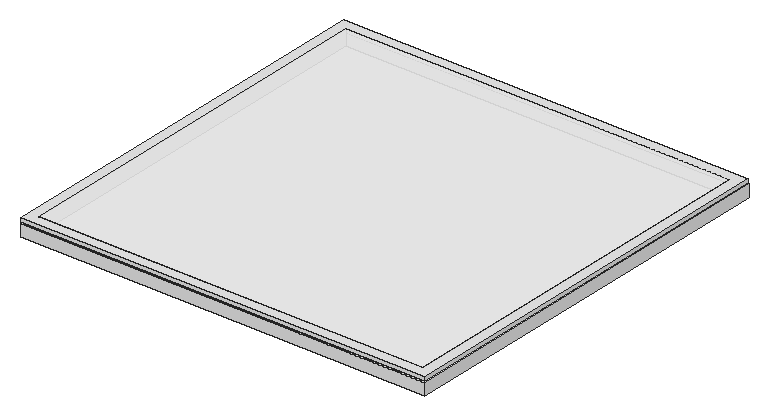
Revit family "Zumtobel LF3-A", category Lighting Fixtures, host Face, Revit 2016
Family settings
  Host = Face
  Part Type = Normal
  Round Connector Dimension = Use Diameter
  OmniClass Number = 23.80.70.11
  OmniClass Title = Luminaries for Internal Lighting
  Cut with Voids When Loaded = No
  Light Source = Yes
  Shared = No
  Room Calculation Point = No
Parameters (values of type "LF3 A 4200-940 Q LDE WH")
  Width = 603 mm
  Wattage = 28.2748 W
  built-in parameter 1150110 = 1 (stored number, unit not read)
  URL = "http://www.zumtobel.com/42186940"
  Type Comments = "© Zumtobel. We reserve the right to make technical changes without prior notice."  # constant formula
  built-in parameter 1114217 = 1 (stored number, unit not read)
  Top Cover Width = 441 mm
  Tilt Angle = -90.00°
  built-in parameter 1150109 = 1 (stored number, unit not read)
  built-in parameter 1150134 = 12
  Cover Mini = no
  Cover = ZG_Cover_White_Self_Illumination
  built-in parameter 1150113 = 1 (stored number, unit not read)
  Photometric Web File = "42186940_(STD_LEO).IES"
  Model = "42186940"
  Manufacturer = "Zumtobel Lighting"  # constant formula
  built-in parameter 1150105 = 334.23 (stored number, unit not read)
  Lumens = 4200 lm
  built-in parameter 1150115 = 1 (stored number, unit not read)
  built-in parameter 1150137 = (empty or 0)
  built-in parameter 1150139 = (empty or 0)
  Length = 603 mm
  built-in parameter 1150112 = 1 (stored number, unit not read)
  built-in parameter 1150114 = 1 (stored number, unit not read)
  Lamp = "LED"
  built-in parameter 1150132 = 2
  built-in parameter 1150102 = (empty or 0)
  built-in parameter 1150107 = 4000 (stored number, unit not read)
  built-in parameter 1150138 = (empty or 0)
  built-in parameter 1150106 = 3.3423 (stored number, unit not read)
  Height = 51 mm
  Emit from Rectangle Width = Length - 30 mm  # 573 mm
  Emit from Rectangle Length = Width - 30 mm  # 573 mm
  Emit Shape Visible in Rendering = yes
  built-in parameter 1150104 = 13.8 (stored number, unit not read)
  Dimming Lamp Color Temperature Shift = <None>
  Description = "LED surface-mount luminaire"  # constant formula
  Default Elevation = 0 mm
  Color Filter = 16777215
  Body = ZG_Metal_Aluminium
  built-in parameter 1114218 = 1 (stored number, unit not read)
  built-in parameter 1150133 = 10 (stored number, unit not read)
  Assembly Code = "D5020210"
  Apparent Load = 39.6 VA
Reference planes
  plane 1 "Center (Front/Back)": y = 0
  plane 2 "Top": z = 0
  plane 3 "Center (Left/Right)": x = -0.5
  plane 4: y = 301.5
  plane 5: y = -301.5
  plane 6: x = -302
  plane 7: x = 301
  plane 8 "Bottom": z = 51
Lines and regions (mm)
  symbolic lines, style "Zumtobel Lighting", detail levels coarse
    curve 1: line (-0.5, 301.5, 0) -> (-0.5, -301.5, 0)
    curve 2: line (-50.5, 301.5, 0) -> (49.5, 301.5, 0)
    curve 3: line (-50.5, -301.5, 0) -> (49.5, -301.5, 0)
Dimensions and locks
  "Width": plane 6 to plane 7
  equal spacing: plane 5, plane 1 "Center (Front/Back)", plane 4
  "Length": plane 5 to plane 4
  equal spacing: plane 6, plane 3 "Center (Left/Right)", plane 7
  "Height": plane 8 "Bottom" to plane 2 "Top"
  aligned and locked: plane 2 "Top" to host face
  aligned and locked: level to host face
  aligned and locked: nested 1 to plane 1 "Center (Front/Back)"
  aligned and locked: plane 3 "Center (Left/Right)" to imposter light
  aligned and locked: imposter light to nested 1
  aligned and locked: plane 5 to curve 1
  aligned and locked: plane 4 to curve 2
  aligned and locked: imposter light to plane 8 "Bottom"
Automatic sketch dimensions
  host sketch curve to host sketch curve = 2438.4 mm  (x2)
  curve 3 to curve 1 = 50 mm
  curve 1 to curve 3 = 50 mm
  curve 1 to curve 2 = 50 mm
  curve 2 to plane 3 "Center (Left/Right)" = 50 mm
  curve 1 to plane 3 "Center (Left/Right)" = 0 mm
Nested families
  nested 1: "Model Zumtobel LIGHT FIELDS evolution" at (-0.5, -2.506, 0) x (0, -1, 0) z (0, 0, -1), type "Type 1"
Connectors
  electrical at (0, 0, 0), driven by "Apparent Load"
    settings: index 1, voltage 230 V, apparent load 0 VA, apparent load phase1 39.6 VA, apparent load phase2 0 VA, apparent load phase3 0 VA, power factor 1, load classification "Lighting", number of poles 1, system type 31, power factor state 1, is connector primary yes, connector utility no, sub classification motor no, connector description ""
Definition of nested family "Model Zumtobel LIGHT FIELDS evolution"
  Parameters (values of type "Type 1")
    Width = 603 mm
    Length = 603 mm
    Height = 51 mm
    Emit Shape Visible in Rendering = no
    Default Elevation = 0 mm
    Cover Width = 441 mm
    Cover Standard = not(Cover Mini)  # yes
    Cover Mini = no
    Cover = none
    Body = none
    Assembly Code = ""
  Reference planes
    plane 1 "Light Source Axis (F/B)": y = 0
    plane 2 "Ref": z = 0
    plane 3 "Light Source Axis (L/R)": x = -2.506
    plane 4 "Top Body": z = -26
    plane 5 "Bottom": z = -51
    plane 6 "Left": x = -304.006
    plane 7 "Right": x = 298.994
    plane 8: y = 301.5
    plane 9: y = -301.5
    plane 10: y = 286.5
    plane 11: y = -286.5
    plane 12: z = -43.468
    plane 13: z = -45.935
    plane 14: x = -289.006
    plane 15: x = 283.994
    plane 16 "Top": z = 0
    plane 17: z = -28.5
    plane 18: x = 194.994
    plane 19: x = -200.006
    plane 20: y = 220.5
    plane 21: y = -220.5
    plane 22: x = -179.006
    plane 23: x = 173.994
    plane 24: x = -124.506
    plane 25: x = 119.494
  Forms (mm)
    Sweep 1, solid, material <- "Body", detail levels medium+fine
      path origin (0, 0, -51) x (0, 1, 0) y (-1, 0, 0)
        loop
          line (301.5, -298.994) -> (301.5, 304.006) -> (-301.5, 304.006) -> (-301.5, -298.994) -> (301.5, -298.994)
      profile "Profile_LIGHT FIELDS : Profile_LIGHT FIELDS" origin (-2.506, 301.5, -51) x (0, -1, 0) y (0, 0, 1)
        loop
          line (0, 0) -> (15, 0) -> (15, 25) -> (0, 25) -> (0, 7.532) -> (2.5, 7.532) -> (2.5, 5.065) -> (0, 5.065) -> (0, 0)
    Extrusion 2, solid, material <- "Body", detail levels medium+fine
      sketch origin (-2.506, 0, 545) x (0, 1, 0) y (0, 0, 1)
        loop
          line (286.5, -571) -> (-286.5, -571) -> (-286.5, -573.5) -> (286.5, -573.5) -> (286.5, -571)
      from -286.5 to 286.5
    Extrusion 3, solid, material <- "Cover", detail levels medium+fine
      sketch origin (-2.506, 0, 545) x (0, 1, 0) y (0, 0, 1)
        loop
          line (286.5, -590.935) -> (-286.5, -590.935) -> (-286.5, -596) -> (286.5, -596) -> (286.5, -590.935)
      from -286.5 to 286.5
    Extrusion 4, solid, material <- "Body", visible <- "Cover Standard", detail levels medium+fine
      sketch origin (-2.506, 0, 545) x (0, 1, 0) y (0, 0, 1)
        loop
          line (220.5, -545) -> (-220.5, -545) -> (-220.5, -571) -> (220.5, -571) -> (220.5, -545)
      from -176.5 to 176.5
    Extrusion 5, solid, material <- "Body", visible <- "Cover Mini", detail levels medium+fine
      sketch origin (82.494, 0, 545) x (0, 1, 0) y (0, 0, 1)
        loop
          line (220.5, -545) -> (-220.5, -545) -> (-220.5, -571) -> (220.5, -571) -> (220.5, -545)
      from -207 to 37
  Cuts and joins
    joined: Sweep 1, Extrusion 2
  Dimensions and locks
    "Length": plane 6 "Left" to plane 7 "Right"
    equal spacing: plane 6 "Left", plane 3 "Light Source Axis (L/R)", plane 7 "Right"
    "Width": plane 8 to plane 9
    locked: plane 6 "Left" to plane 19 at 104
    locked: plane 18 to plane 7 "Right" at 104
    locked: plane 6 "Left" to plane 14 at 15
    locked: plane 7 "Right" to plane 15 at 15
    plane 4 "Top Body" to plane 17 to plane 12 to plane 13 to plane 5 "Bottom" = 2.5 mm locked, 14.968 mm locked, 2.468 mm locked, 5.065 mm locked
    equal spacing: plane 8, plane 1 "Light Source Axis (F/B)", plane 9
    locked: plane 8 to plane 10 at 15
    locked: plane 11 to plane 9 at 15
    locked: plane 6 "Left" to plane 22 at 125
    locked: plane 7 "Right" to plane 23 at 125
    equal spacing: plane 20, plane 1 "Light Source Axis (F/B)", plane 21
    "Cover Width": plane 20 to plane 21
    level to plane 4 "Top Body" = 26 mm
    level to cut or joined group of Sweep 1, Extrusion 2 = 51 mm
    aligned and locked: level to plane 2 "Ref"
    aligned and locked: Sweep 1 sketch curve to plane 8
    aligned and locked: plane 7 "Right" to Sweep 1 sketch curve
    aligned and locked: Sweep 1 sketch curve to plane 9
    aligned and locked: Sweep 1 sketch curve to plane 6 "Left"
    aligned and locked: Extrusion 2 sketch curve to plane 17
    aligned and locked: plane 4 "Top Body" to Extrusion 2 sketch curve
    aligned and locked: Extrusion 3 sketch curve to plane 13
    aligned and locked: plane 10 to Extrusion 3 sketch curve
    aligned and locked: plane 11 to Extrusion 3 sketch curve
    aligned and locked: Extrusion 3 sketch curve to plane 5 "Bottom"
    aligned and locked: plane 15 to Extrusion 3
    aligned and locked: plane 14 to Extrusion 3
    aligned and locked: plane 10 to Extrusion 2 sketch curve
    aligned and locked: plane 11 to Extrusion 2 sketch curve
    aligned and locked: plane 15 to Extrusion 2
    aligned: plane 14 to Extrusion 2
    aligned and locked: plane 14 to cut or joined group of Sweep 1, Extrusion 2
    aligned and locked: Extrusion 4 sketch curve to plane 16 "Top"
    aligned and locked: Extrusion 4 sketch curve to plane 21
    aligned and locked: plane 20 to Extrusion 4 sketch curve
    aligned and locked: plane 4 "Top Body" to Extrusion 4 sketch curve
    aligned and locked: plane 22 to Extrusion 4
    aligned and locked: plane 23 to Extrusion 4
    aligned and locked: level to plane 16 "Top"
    aligned and locked: Extrusion 5 sketch curve to plane 4 "Top Body"
    aligned and locked: Extrusion 5 sketch curve to level
    aligned and locked: plane 24 to Extrusion 5
    aligned and locked: plane 25 to Extrusion 5
  Automatic sketch dimensions
    Extrusion 5 sketch curve to plane 21 = 0 mm
    Extrusion 5 sketch curve to plane 20 = 0 mm
